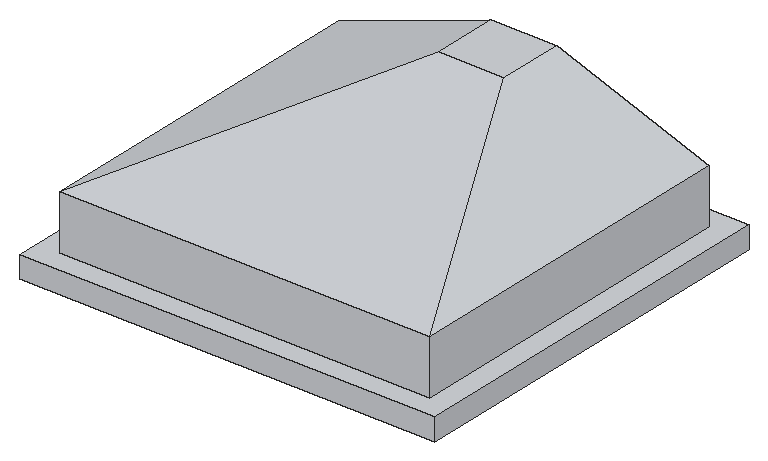
Revit family "BS_FM_Móng Đơn Lệch tâm biên", category Structural Foundations, Revit 2019
Family settings
  Material for Model Behavior = Other
  Cap = No
  OmniClass Number = 23.25.05.00
  OmniClass Title = Foundations
  Work Plane-Based = No
  Always vertical = Yes
  Cut with Voids When Loaded = No
  Shared = No
Parameters (values of type "1500x1500")
  h_BaoVe [instance] = 100 mm
  a1_BaoVe [instance] = 100 mm
  a4_BaoVe [instance] = 100 mm
  a3_BaoVe [instance] = 100 mm
  a2_BaoVe [instance] = 100 mm
  Width = RVS_ChieuRongMong  # 1700 mm
  URL = "https://www.facebook.com/HoangToi.Ks/"
  RVS_ChieuRongMong = 1700 mm
  RVS_ChieuDaiMong = 1600 mm
  RVS_BT_Mong = none
  RVS_BT_LotMong = none
  Model = "Hoàng Tới"
  Length = RVS_ChieuDaiMong  # 1600 mm
  L1 = 300 mm
  Học Revit KC : 0914.922.502 [instance] = ""
  Foundation Thickness = H1 + H2  # 500 mm
  Description = "HT-Structural"
  1.Dài x Rộng Móng = ""
  H2 = 250 mm
  H1 = 250 mm
  3.Cổ Móng = ""
  2.Chiều Cao Móng = ""
  B1 = 300 mm
Reference planes
  plane 1 "Center (Front/Back)": y = 0
  plane 2: z = 0
  plane 3 "Center (Left/Right)": x = 0
  plane 4 "2": y = 750
  plane 5 "3": y = -850
  plane 6 "4": x = 850
  plane 7 "5": x = -850
  plane 8 "6": x = -150
  plane 9 "7": x = 150
  plane 10 "8": y = 450
  plane 11: z = -100
  plane 12: z = 250
  plane 13: z = 500
Forms (mm)
  Extrusion 1, solid, material <- "RVS_BT_Mong"
    sketch origin (0, 0, 0) x (1, 0, 0) y (0, 1, 0)
      loop
        line (850, 750) -> (-850, 750) -> (-850, -850) -> (850, -850) -> (850, 750)
    from 0 to 250 <- "H1"
  Blend 2, solid, material <- "RVS_BT_Mong"
    base sketch origin (0, 0, 0) x (1, 0, 0) y (0, 1, 0)
      loop
        line (-850, 750) -> (-850, -850) -> (850, -850) -> (850, 750) -> (-850, 750)
    top sketch origin (0, 0, 0) x (1, 0, 0) y (0, 1, 0)
      loop
        line (-150, 750) -> (-150, 450) -> (150, 450) -> (150, 750) -> (-150, 750)
    from 250 <- "H1" to 500
  Extrusion 3, solid, material <- "RVS_BT_LotMong"
    sketch origin (0, 0, 0) x (1, 0, 0) y (0, 1, 0)
      loop
        line (950, 850) -> (-950, 850) -> (-950, -950) -> (950, -950) -> (950, 850)
    from 0 to -100
Cuts and joins
  joined: Extrusion 1, Blend 2
Dimensions and locks
  equal spacing: plane 8 "6", plane 3 "Center (Left/Right)", plane 9 "7"
  "L1": plane 10 "8" to plane 4 "2"
  "B1": plane 8 "6" to plane 9 "7"
  "a1_BaoVe": plane 6 "4" to Extrusion 3 sketch curve
  "a4_BaoVe": Extrusion 3 sketch curve to plane 5 "3"
  "a3_BaoVe": Extrusion 3 sketch curve to Extrusion 1
  "a2_BaoVe": Extrusion 3 sketch curve to plane 7 "5"
  "Width": plane 7 "5" to plane 6 "4"
  "Length": plane 5 "3" to plane 4 "2"
  equal spacing: plane 7 "5", plane 3 "Center (Left/Right)", plane 6 "4"
  "h_BaoVe": plane 11 to plane 2
  "H1": plane 2 to plane 12
  "H2": plane 12 to plane 13
  aligned and locked: plane 2 to level
  aligned and locked: Extrusion 1 to level
  aligned and locked: Blend 2 to Extrusion 1
  aligned and locked: level to Extrusion 3
  aligned and locked: Extrusion 1 sketch curve to plane 4 "2"
  aligned and locked: plane 6 "4" to Extrusion 1 sketch curve
  aligned and locked: plane 5 "3" to Extrusion 1 sketch curve
  aligned and locked: Extrusion 1 sketch curve to plane 7 "5"
  aligned and locked: Blend 2 sketch curve to Extrusion 1  (x4)
  aligned and locked: plane 4 "2" to Blend 2 sketch curve
  aligned and locked: plane 8 "6" to Blend 2 sketch curve
  aligned and locked: Blend 2 sketch curve to plane 10 "8"
  aligned and locked: Blend 2 sketch curve to plane 9 "7"
  aligned and locked: Extrusion 3 to plane 11
  aligned and locked: Extrusion 3 to plane 2
  aligned and locked: plane 12 to Extrusion 1
  aligned and locked: plane 13 to Blend 2
  aligned and locked: Blend 2 to plane 12
